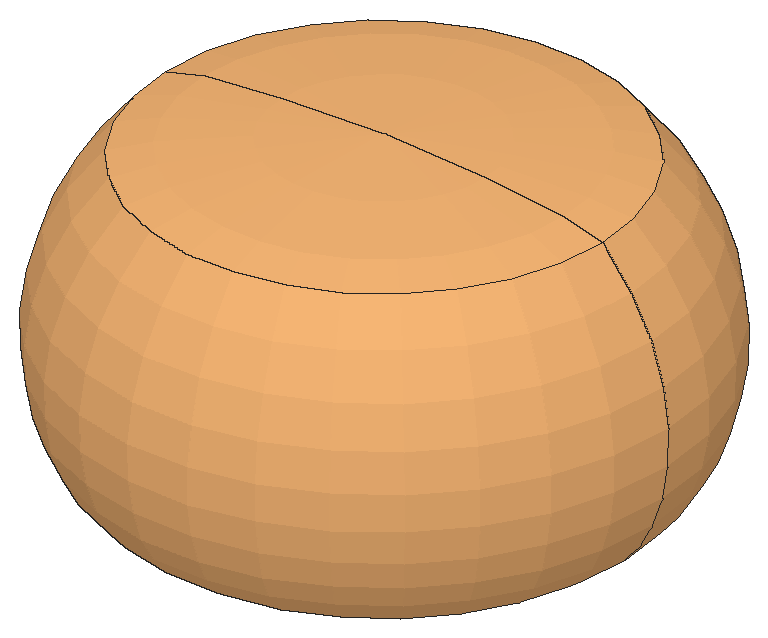
Revit family "Pix - 3011", category Arredi, Revit 2014
Parameters
  URL = "http://www.arper.com"
  Produttore = "ARPER s.p.a."  # constant formula
  Modello = "Pix 55"  # constant formula
  Descrizione = "One seat low ottoman. Upholstery in leather, faux leather, fabric or\r\ncustomer's own material. 55 cm diameter and 32 cm height."
  Copyright [instance] = "ARPER s.p.a."  # constant formula
  Arper - Glides material [instance] = Arper - generic glides
  Arper - Cover material [instance] = Arper - generic texture
  Arper - Article code [instance] = "art.3011"  # constant formula
Reference planes
  plane 1 "Centro (Fronte/Retro)": y = 0
  plane 2: z = 0
  plane 3 "Centro (Sinistra/Destra)": x = 0
Forms (mm)
  Revolve 1, solid, material "Arper - generic texture" <- "Arper - Cover material"
    sketch origin (0, 0, 0) x (1, 0, 0) y (0, 0, 1)
      loop
        line (0, 319.775) -> (0, 20.125) -> (203.284, 20.125)
        spline (203.284, 20.125) -> (217.309, 22.68) -> (231.275, 31.33) -> (244.47, 45.38) -> (256.181, 64.134) -> (265.695, 86.898) -> (272.3, 112.975) -> (275.283, 141.67) -> (273.932, 172.289) -> (267.535, 204.135) -> (255.378, 236.513) -> (236.749, 268.729) -> (210.935, 300.087)
        spline (210.935, 300.087) -> (206.094, 302.335) -> (198.135, 304.576) -> (187.3, 306.779) -> (173.829, 308.911) -> (157.962, 310.944) -> (139.939, 312.845) -> (120.001, 314.584) -> (98.389, 316.131) -> (75.342, 317.454) -> (51.101, 318.523) -> (25.907, 319.307) -> (0, 319.775)
      axis (0, 319.775) -> (0, 20.125)
    angle from 0 to 360
  Extrusion 2, solid, material "Arper - generic glides" <- "Arper - Glides material"
    sketch origin (29.94, -63.779, 0) x (1, 0, 0) y (0, 1, 0)
      loop
        circle (97.494, 63.779) r 20
    from 0 to 25
  Extrusion 3, solid, material "Arper - generic glides" <- "Arper - Glides material"
    sketch origin (-224.928, -63.779, 0) x (1, 0, 0) y (0, 1, 0)
      loop
        circle (97.494, 63.779) r 20
    from 0 to 25
  Extrusion 4, solid, material "Arper - generic glides" <- "Arper - Glides material"
    sketch origin (63.779, 29.94, 0) x (0, 1, 0) y (-1, 0, 0)
      loop
        circle (97.494, 63.779) r 20
    from 0 to 25
  Extrusion 5, solid, material "Arper - generic glides" <- "Arper - Glides material"
    sketch origin (63.779, -224.928, 0) x (0, 1, 0) y (-1, 0, 0)
      loop
        circle (97.494, 63.779) r 20
    from 0 to 25
Dimensions and locks
  aligned and locked: level to plane 2
